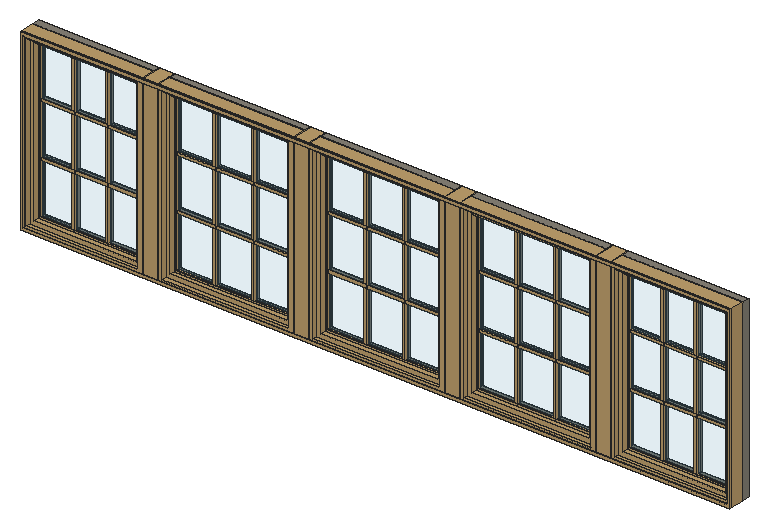
Revit family (continued)
Definition of nested family "Plan_Detail"
  Lines and regions (in)
    detail lines, style "DetailComponentsHiddenLines", in view "Ref. Level", visible <- "Plan Swing LH"
      curve 3: line (-16.8125, -0.36599, 0) -> (15.66676, 8.3368, 0)
      curve 4: arc (15.66676, 8.3368, 0) -> (16.52483, 4.02295, 0) -> (16.8125, -0.36599, 0) r 33.625
    detail lines, style "DetailComponentsHiddenLines", in view "Ref. Level", visible <- "Screen Visibility", detail levels fine
      curve 5: line (-14.92484, -2.36799, 0) -> (14.92484, -2.36799, 0)
    detail lines, style "Cut Lines", in view "Ref. Level", detail levels fine
      curve 6: line (-15.647, -0.74875, 0) -> (15.647, -0.74875, 0)
      curve 7: line (-15.647, -0.86675, 0) -> (15.647, -0.86675, 0)
      curve 8: line (-15.647, -1.38075, 0) -> (15.647, -1.38075, 0)
      curve 9: line (-15.647, -1.49875, 0) -> (15.647, -1.49875, 0)
  Dimensions and locks (in)
    equal spacing: plane 4, plane 3 "Center (Left/Right)", plane 5
    "Width": plane 4 to plane 5
    locked: plane 4 to plane 6 at 1.1875
    locked: plane 7 to plane 5 at 1.1875
    locked: plane 8 to plane 1 "Center (Front/Back)" at 0.36599
    "Plan Swing Length": curve 1 to curve 1
    "Plan Swing Length": curve 3 to curve 3
    "Swing Angle": angle curve 1 to plane 8
    "Swing Angle": angle plane 8 to curve 3
    aligned and locked: plane 1 "Center (Front/Back)" to nested 1
    aligned and locked: nested 1 to plane 4
    aligned and locked: plane 5 to nested 2
    aligned and locked: nested 2 to plane 1 "Center (Front/Back)"
    aligned and locked: nested 1 to curve 5  (x2)
    aligned and locked: curve 6 to nested 1  (x2)
    aligned and locked: nested 1 to curve 7
    aligned and locked: curve 7 to nested 1
    aligned and locked: curve 8 to nested 1  (x2)
    aligned and locked: nested 1 to curve 9
    aligned and locked: curve 9 to nested 1
  Automatic sketch dimensions
    curve 2 to plane 6 = 0' - 0"
    curve 4 to plane 6 = 0' - 0"
    curve 2 to plane 7 = 0' - 0"
    curve 2 to plane 8 = 0' - 0"
    curve 5 to plane 7 = 0' - 1.88766"
    curve 8 to plane 7 = 0' - 1.1655"
    curve 6 to curve 8 = 0' - 0"
    curve 9 to curve 8 = 0' - 0"
    curve 7 to curve 6 = 0' - 0"
  Nested families (in)
    nested 1: "Jamb_Detail" at (-18, 0, 0), type "Jamb_Detail", in view "Ref. Level", detail levels fine
    nested 2: "Jamb_Detail" at (18, 0, 0) x (-1, 0, 0) z (0, 0, 1), type "Jamb_Detail", in view "Ref. Level", detail levels fine
  Definition of nested family "Jamb_Detail"
    Parameters (values of type "Jamb_Detail")
      Screen Visibility = yes
      Assembly Code = ""
    Reference planes (in)
      plane 1 "Center (Front/Back)": y = 0
      plane 2: z = 0
      plane 3 "Center (Left/Right)": x = 0
    Lines and regions (in)
      detail lines, style "Cut Lines", in view "Ref. Level"
        curve 1: line (0, 4.56199, 0) -> (1.188, 4.56199, 0)
        curve 2: line (0, -1.09401, 0) -> (0, 4.56199, 0)
        curve 3: line (1.188, 4.56199, 0) -> (1.188, 0.76198, 0)
        curve 4: line (0.52105, -1.09401, 0) -> (0, -1.09401, 0)
        curve 5: line (0.637, 0.56409, 0) -> (0.52105, -1.09401, 0)
        curve 6: line (0.637, 0.56409, 0) -> (0.637, 1.98699, 0)
        curve 7: line (1.188, 3.46342, 0) -> (2.115, 3.46342, 0)
        curve 8: line (2.115, 3.46342, 0) -> (2.115, 2.86577, 0)
        curve 9: line (2.30184, 2.86577, 0) -> (2.30184, 2.34399, 0)
        curve 10: line (2.489, 2.34399, 0) -> (2.489, 1.98699, 0)
        curve 11: line (2.115, 2.86577, 0) -> (2.30184, 2.86577, 0)
        curve 12: line (0.805, 0.76198, 0) -> (1.188, 0.76198, 0)
        curve 13: line (0.805, 0.36599, 0) -> (0.805, 0.76198, 0)
        curve 14: line (2.696, 0.36599, 0) -> (0.805, 0.36599, 0)
        curve 15: line (2.696, 0.4846, 0) -> (2.696, 0.36599, 0)
        curve 16: line (2.896, 0.6846, 0) -> (2.696, 0.4846, 0)
        curve 17: line (2.208, 0.71396, 0) -> (2.896, 0.71396, 0)
        curve 18: line (2.208, 1.50299, 0) -> (2.208, 0.71396, 0)
        curve 19: line (2.896, 1.50299, 0) -> (2.208, 1.50299, 0)
        curve 20: line (2.896, 1.67399, 0) -> (2.896, 1.50299, 0)
        curve 21: line (2.677, 1.98699, 0) -> (2.677, 1.89299, 0)
        curve 22: line (0.637, 1.98699, 0) -> (2.677, 1.98699, 0)
        curve 23: line (2.896, 0.71396, 0) -> (2.896, 0.6846, 0)
        curve 24: line (2.677, 1.89299, 0) -> (2.896, 1.67399, 0)
        curve 34: line (2.353, 1.38075, 0) -> (2.353, 1.49875, 0)
        curve 35: line (2.478, 0.86675, 0) -> (2.478, 1.38075, 0)
        curve 36: line (2.728, 0.87375, 0) -> (2.728, 1.37375, 0)
        curve 37: line (2.353, 0.74875, 0) -> (2.353, 0.86675, 0)
        curve 38: line (2.489, 2.34399, 0) -> (2.30184, 2.34399, 0)
      detail lines, style "Cut Lines", in view "Ref. Level", visible <- "Screen Visibility"
        curve 25: line (2.30184, 2.71899, 0) -> (2.98516, 2.71899, 0)
        curve 26: line (2.88116, 2.34399, 0) -> (2.489, 2.34399, 0)
        curve 27: line (2.88116, 2.57074, 0) -> (2.88116, 2.34399, 0)
        curve 28: line (3.00316, 2.57074, 0) -> (2.88116, 2.57074, 0)
        curve 29: line (3.07516, 2.61899, 0) -> (3.07516, 2.36799, 0)
        curve 30: line (3.00316, 2.36799, 0) -> (3.00316, 2.57074, 0)
        curve 31: line (3.00316, 2.36799, 0) -> (3.07516, 2.36799, 0)
        curve 32: line (2.98516, 2.71899, 0) -> (2.98516, 2.61899, 0)
        curve 33: line (2.98516, 2.61899, 0) -> (3.07516, 2.61899, 0)
